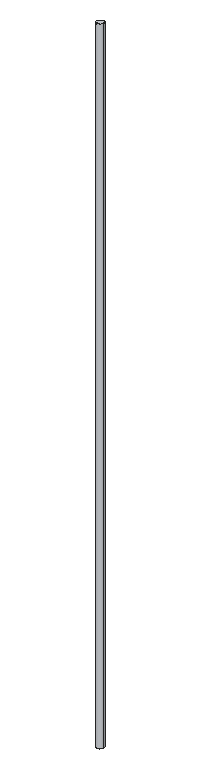
Revit family "0066755 Sylvania Lighting Fixture Skyline Street XL 17-30klm NW NR10 I 9022", category Lighting Fixtures, host Face, Revit 2016
Family settings
  Host = Face
  Part Type = Normal
  Round Connector Dimension = Use Diameter
  OmniClass Number = 23.80.70.00
  OmniClass Title = Lighting
  Cut with Voids When Loaded = No
  Light Source = Yes
  Shared = No
  Room Calculation Point = No
Parameters (values of type "0066755 SKS XL 17-30KLM NW NR10 I 9022 ")
  base height = 40 mm
  backplate diameter = 256 mm
  Weight = "n/a"
  Wattage Comments = ""
  Wattage = 9.2903 W
  WarrantyStartDate [instance] = "n/a"
  WarrantyGuarantorParts = "n/a"
  WarrantyDurationUnit = "n/a"
  WarrantyDurationParts = ""
  WarrantyDescription = "http://www.sylvania-lighting.com"
  built-in parameter 1150110 = 1 (stored number, unit not read)
  Voltage = 0 V
  URL = "0.98"
  TypeName = "Skyline Street XL 17-30klm NW NR10 I 9022"
  Type Image = <None>
  Type Comments = "n/a"
  Tube Diameter = 80 mm
  built-in parameter 1114217 = 1 (stored number, unit not read)
  Tilt Angle = 90.00°
  built-in parameter 1150109 = 1 (stored number, unit not read)
  built-in parameter 1150134 = 3
  built-in parameter 1150113 = 1 (stored number, unit not read)
  SerialNumber [instance] = "n/a"
  Photometric Web File = "0066755.ies"
  Material_3_FEILO = none
  PowerFactor = 0
  PowerConsumption = "Lighting"
  NominalLength = 415 mm
  NominalHeight = 0 mm
  NominalDepth = 0 mm
  Name = "Skyline Street XL 17-30klm NW NR10 I 9022"
  ModelReference = Name  # "Skyline Street XL 17-30klm NW NR10 I 9022"
  ModelNumber = "0066755"
  Model = Name  # "Skyline Street XL 17-30klm NW NR10 I 9022"
  Material = "Feilo Sylvania"
  ManufacturerName = "125 lm/W"
  Manufacturer = ""
  LuminousEfficacy = ""
  built-in parameter 1150105 = 109.82 (stored number, unit not read)
  Lumens = 1380 lm
  LuminaireType = "0"
  built-in parameter 1150115 = 1 (stored number, unit not read)
  LightOutputRatio = "LED"
  built-in parameter 1150137 = (empty or 0)
  built-in parameter 1150139 = (empty or 0)
  LampsType = Lamp  # "n/a"
  LampNominalLuminous = "4000 K"
  LampMacAdamStep = "70"
  LampColourTemperature = "LED"
  LampColourRenderingIndex = "16500"
  built-in parameter 1150112 = 1 (stored number, unit not read)
  built-in parameter 1150114 = 1 (stored number, unit not read)
  Lamp = "n/a"
  Keynote = "n/a"
  InstallationDate [instance] = "n/a"
  InputVoltage = "0"
  InputNominalFrequency = "4000"
  built-in parameter 1150132 = (empty or 0)
  built-in parameter 1150102 = (empty or 0)
  built-in parameter 1150107 = 3200 (stored number, unit not read)
  built-in parameter 1150138 = (empty or 0)
  IngressProtection = "IfcLightFixtureType"
  ImpactProtectionIndex = "IfcLightFixtureType"
  built-in parameter 1150106 = 1.0982 (stored number, unit not read)
  IfcExportType = "IfcLightFixtureType"
  IfcExportAs = "Class I"
  Height = 250 mm
  ExpectedLife = 50000
  Emit from Circle Diameter = 609.6 mm
  Emit Shape Visible in Rendering = no
  ElectricShockClassification = "125"
  built-in parameter 1150104 = 13.8 (stored number, unit not read)
  DurationUnit = "hours"
  DocumentationLiterature = "http://www.sylvania-lighting.com/product/en-int/products/0066755"
  DimmingControlOptions = "n/a"
  Material_2_FEILO = none
  Dimming Lamp Color Temperature Shift = <None>
  Diameter = 350 mm
  Description = "The Skyline Street family is dedicated for road lighting applications. Light distribution: NR10 - Narrow Road, color temperature: 4000K , total system power: 244W, total fixture output: 30600lm, luminaire efficacy: 125lm/W, LOR: 100%, colour rendering index: 70, LED Chromaticity: 5 step MacAdam ellipse tolerance, lifetime: 100000 hours at L90B50 @ 50°C, energy class: A++, A+, A, operating voltage: 220-240V / 50-60Hz, electronic driver, Without Controls, power factor: min. 0.9, electrical protection: Class I, Ingress protection rating: IP66, Impact resistance: IK08, dimensions: 915 x 415 x 140mm, weight: 15 kg, for 42-60mm side entry or post top installation with +/-15° adjustability, the housing is made of Die Cast Aluminium in RAL9022 color combined with tempered flat glass cover."
  Default Elevation = 1219.2 mm
  CreatedOn = "02/12/2019"
  CreatedBy = "@sylvania-lighting.com"
  Cost = 0
  Color Filter = 16777215
  built-in parameter 1114216 [instance] = (empty or 0)
  ClassificationValue = "EF_70_80"
  ClassificationName = "Uniclass2015"
  Material_1_FEILO = none
  BarCode [instance] = "n/a"
  built-in parameter 1114218 = 1 (stored number, unit not read)
  built-in parameter 1150133 = 10 (stored number, unit not read)
  AssetType = "Fixed"
  AssetIdentifier [instance] = "n/a"
  Assembly Code = "D5020200"
  Apparent Load = 244 VA
  Material_4_FEILO = none
Reference planes
  plane 1 "Center (Front/Back)": y = 0
  plane 2: z = 0
  plane 3 "Center (Left/Right)": x = 0
  plane 4: z = 0
  plane 5: y = 128
  plane 6: y = -128
  plane 7: y = 175
  plane 8: y = -175
  plane 9: z = 40
Forms (mm)
  Extrusion 1, solid, detail levels coarse
    sketch origin (43.618, 0, 5999.295) x (1, 0, 0) y (0, 0, 1)
      loop
        line (-755, 240.919) -> (-755, 0.868) -> (39.922, 0.868) -> (39.922, 240.919) -> (-755, 240.919)
    from -207.534 to 207.466
  Extrusion 2, solid
    sketch origin (4.2, 0, 0) x (1, 0, 0) y (0, 1, 0)
      loop
        circle (-4.2, 0) r 30
    from 0 to 6000
Dimensions and locks
  "backplate diameter": plane 5 to plane 6
  equal spacing: plane 5, plane 1 "Center (Front/Back)", plane 6
  "Diameter": plane 7 to plane 8
  equal spacing: plane 7, plane 1 "Center (Front/Back)", plane 8
  "base height": plane 9 to level
  aligned and locked: plane 2 to host face
  aligned and locked: level to host face
Automatic sketch dimensions
  host sketch curve to host sketch curve = 2438.4 mm  (x2)
  level to Extrusion 1 sketch curve = 6000.163 mm
  Extrusion 1 sketch curve to plane 3 "Center (Left/Right)" = 711.382 mm
  plane 3 "Center (Left/Right)" to Extrusion 1 sketch curve = 83.54 mm
  plane 9 to Extrusion 1 sketch curve = 6200.213 mm
  plane 1 "Center (Front/Back)" to Extrusion 2 sketch curve = 0 mm
  Extrusion 2 sketch curve to plane 3 "Center (Left/Right)" = 0 mm
  radius of Extrusion 2 sketch curve = 30 mm
Connectors
  electrical at (0, 0, 0), driven by "Apparent Load", driven by "PowerFactor", driven by "Voltage"
    settings: index 1, voltage 0 V, apparent load 244 VA, apparent load phase1 0 VA, apparent load phase2 0 VA, apparent load phase3 0 VA, power factor 0, load classification "Lighting", number of poles 1, system type 30, power factor state 1, is connector primary yes, connector utility no, sub classification motor no, connector description ""
